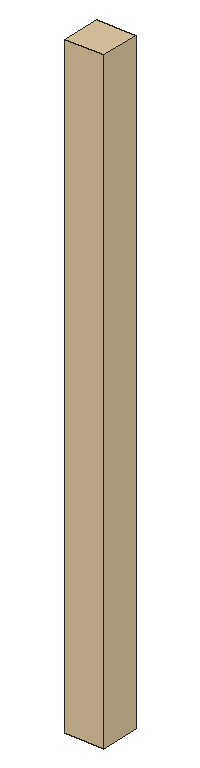
Revit family "목재 판재 기둥", category 기둥, Revit 2026
Family settings
  로드될 때 보이드를 사용하여 절단 = 아니오
  자동으로 형상을 벽에 결합합니다 = 예
  공유 = 아니오
  평면도에서 미리 절단된 패밀리 표시 = 예
Parameters (values of type "191 x 191mm")
  깊이 = 191.00 mm
  재료 = 목재 - 치수 재목
  폭 = 191.00 mm
Types (8, lengths in mm): name | 깊이 | 폭
  (no name) | 191.00 | 191.00
  140 x 191mm | 191.00 | 140.00
  191 x 191mm | 191.00 | 191.00
  140 x 140mm | 140.00 | 140.00
  191 x 241mm | 241.00 | 191.00
  114 x 114mm | 114.00 | 114.00
  140 x 241mm | 241.00 | 140.00
  191 x 292mm | 292.00 | 191.00
Reference planes
  plane 1: y = 0
  plane 2: z = 0
  plane 3: x = 0
  plane 4: x = -95.5
  plane 5: x = 95.5
  plane 6: y = 95.5
  plane 7: y = -95.5
Forms (mm)
  Extrusion 1, solid, material "목재 - 치수 재목" <- "재료"
    sketch origin (0, 0, 0) x (1, 0, 0) y (0, 1, 0)
      loop
        line (-95.5, -95.5) -> (95.5, -95.5) -> (95.5, 95.5) -> (-95.5, 95.5) -> (-95.5, -95.5)
    from 0 to 3000
Lines and regions (mm)
  symbolic lines
    curve 1: line (-95.5, 95.5, 0) -> (95.5, -95.5, 0)
    curve 2: line (95.5, 95.5, 0) -> (-95.5, -95.5, 0)
Dimensions and locks
  equal spacing: plane 4, plane 3, plane 5
  equal spacing: plane 7, plane 1, plane 6
  "폭": plane 4 to plane 5
  "깊이": plane 7 to plane 6
  aligned and locked: plane 4 to Extrusion 1 sketch curve
  aligned and locked: plane 5 to Extrusion 1 sketch curve
  aligned and locked: Extrusion 1 sketch curve to plane 5
  aligned and locked: level to Extrusion 1
Automatic sketch dimensions
  Extrusion 1 sketch curve to plane 7 = 0.00 mm
  Extrusion 1 sketch curve to plane 6 = 0.00 mm
  curve 2 to plane 5 = 0.00 mm
  curve 1 to plane 5 = 0.00 mm
  curve 1 to plane 7 = 0.00 mm
  curve 2 to plane 6 = 0.00 mm
  curve 1 to plane 6 = 0.00 mm
  curve 2 to plane 4 = 0.00 mm
  curve 1 to plane 4 = 0.00 mm
  curve 2 to plane 7 = 0.00 mm
